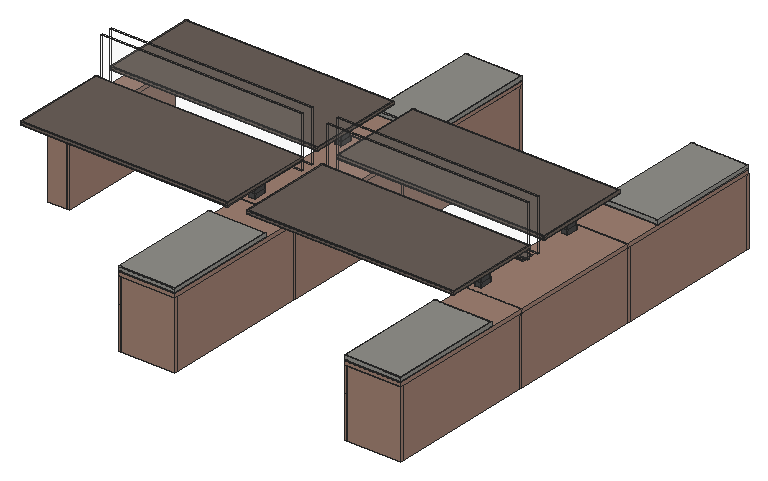
Revit family "T200196", category Furniture, Revit 2015 (continued)
Definition of nested family "STAKS HEIGHT ADJUSTABLE WORK GROUP CABINET Double Sided Dual User"
  Dimensions and locks (in)
    aligned and locked: Extrusion 24 to plane 8 "Height Top"
    aligned and locked: plane 8 "Height Top" to Extrusion 14
    aligned and locked: Extrusion 20 to plane 8 "Height Top"
  Automatic sketch dimensions
    Extrusion 1 sketch curve to plane 5 "Front End" = 0.00"
    plane 1 "Center Front/Back" to Extrusion 1 sketch curve = 0.75"
    Extrusion 2 sketch curve to plane 5 "Front End" = 0.00"
    Extrusion 2 sketch curve to plane 6 "Right End" = 0.00"
    Extrusion 2 sketch curve to plane 10 = 0.00"
    Extrusion 2 sketch curve to plane 1 "Center Front/Back" = 0.75"
    Extrusion 3 sketch curve to plane 5 "Front End" = 0.00"
    Extrusion 3 sketch curve to plane 18 = 0.00"
    Extrusion 4 sketch curve to plane 4 "Left End" = 0.00"
    Extrusion 4 sketch curve to plane 6 "Right End" = 0.00"
    Extrusion 4 sketch curve to plane 17 = 0.00"
    plane 1 "Center Front/Back" to Extrusion 4 sketch curve = 0.00"
    Extrusion 5 sketch curve to plane 5 "Front End" = 0.00"
    Extrusion 5 sketch curve to plane 20 = 0.00"
    Extrusion 5 sketch curve to plane 21 = 0.00"
    Extrusion 5 sketch curve to plane 18 = 0.00"
    Extrusion 6 sketch curve to plane 9 = 0.75"
    Extrusion 6 sketch curve to plane 10 = 0.75"
    Extrusion 6 sketch curve to plane 18 = 0.00"
    plane 1 "Center Front/Back" to Extrusion 6 sketch curve = 0.00"
    Extrusion 7 sketch curve to plane 4 "Left End" = 0.00"
    Extrusion 7 sketch curve to plane 6 "Right End" = 0.00"
    plane 17 to Extrusion 7 sketch curve = 0.00"
    Extrusion 7 sketch curve to plane 5 "Front End" = 0.00"
    Extrusion 8 sketch curve to plane 5 "Front End" = 0.00"
    Extrusion 8 sketch curve to plane 22 = 0.00"
    Extrusion 8 sketch curve to plane 23 = 0.00"
    Extrusion 8 sketch curve to plane 18 = 0.00"
    Extrusion 9 sketch curve to plane 11 = 0.00"
    Extrusion 9 sketch curve to plane 21 = 0.00"
    plane 23 to Extrusion 9 sketch curve = 0.00"
    plane 8 "Height Top" to Extrusion 9 sketch curve = 1.3125"
    Extrusion 10 sketch curve to plane 14 = 0.00"
    Extrusion 10 sketch curve to plane 16 = 0.00"
    Extrusion 10 sketch curve to plane 14 = 2.00"
    Extrusion 10 sketch curve to plane 16 = 0.125"  (x2)
    Extrusion 10 sketch curve to Extrusion 10 sketch curve = 3.50"
    Extrusion 10 sketch curve to Extrusion 10 sketch curve = 0.00"
    Extrusion 10 sketch curve to Extrusion 10 sketch curve = 0.125"
    Extrusion 11 sketch curve to plane 14 = 0.1875"
    Extrusion 11 sketch curve to plane 16 = 3.625"
    Extrusion 11 sketch curve to plane 16 = 0.1875"  (x2)
    Extrusion 11 sketch curve to plane 14 = 1.875"
    Extrusion 11 sketch curve to Extrusion 11 sketch curve = 0.0625"  (x3)
    Revolve 12 sketch curve to level = 0.00"
    plane 16 to Revolve 12 sketch curve = 0.00"
    Revolve 12 sketch curve to plane 12 = 0.00"  (x2)
    level to Revolve 12 sketch curve = 0.12502"
    Revolve 12 sketch curve to Revolve 12 sketch curve = 0.06202"
    Revolve 12 sketch curve to Revolve 12 sketch curve = 0.12498"
    Revolve 12 sketch curve to plane 16 = 0.188"  (x2)
    plane 12 to Revolve 12 sketch curve = 0.25"
    Revolve 13 sketch curve to level = 0.00"
    plane 15 to Revolve 13 sketch curve = 0.00"
    Revolve 13 sketch curve to plane 12 = 0.00"  (x2)
    level to Revolve 13 sketch curve = 0.25"
    Revolve 13 sketch curve to Revolve 13 sketch curve = 0.06202"
    Revolve 13 sketch curve to Revolve 13 sketch curve = 0.12498"
    plane 15 to Revolve 13 sketch curve = 0.188"  (x2)
    plane 12 to Revolve 13 sketch curve = 0.25"
    plane 14 to Extrusion 14 sketch curve = 0.00"
    Extrusion 14 sketch curve to plane 15 = 0.00"
    Extrusion 14 sketch curve to plane 14 = 0.125"
    plane 15 to Extrusion 14 sketch curve = 0.125"
    Extrusion 14 sketch curve to Extrusion 14 sketch curve = 3.50"
    Extrusion 14 sketch curve to Extrusion 14 sketch curve = 0.00"
    Extrusion 14 sketch curve to Extrusion 14 sketch curve = 0.125"
    Extrusion 14 sketch curve to Extrusion 14 sketch curve = 1.75"
    Extrusion 15 sketch curve to plane 14 = 0.1875"
    plane 15 to Extrusion 15 sketch curve = 3.625"
    Extrusion 15 sketch curve to plane 14 = 0.125"
    Extrusion 15 sketch curve to Extrusion 15 sketch curve = 0.0625"  (x2)
    plane 15 to Extrusion 15 sketch curve = 0.1875"  (x2)
    Extrusion 15 sketch curve to Extrusion 15 sketch curve = 1.625"
    Extrusion 16 sketch curve to plane 16 = 0.00"  (x2)
    plane 17 to Extrusion 16 sketch curve = 3.375"
    plane 16 to Extrusion 16 sketch curve = 0.125"
    Extrusion 16 sketch curve to plane 14 = 2.125"
    Extrusion 16 sketch curve to Extrusion 16 sketch curve = 3.75"  (x2)
    Extrusion 16 sketch curve to Extrusion 16 sketch curve = 0.125"
    Blend 17 sketch curve to plane 16 = 0.125"
    plane 17 to Blend 17 sketch curve = 2.125"
    Blend 17 sketch curve to Blend 17 sketch curve = 0.125"  (x4)
    Blend 17 sketch curve to Blend 17 sketch curve = 3.25"
    Blend 17 sketch curve to Blend 17 sketch curve = 0.00"
    Blend 17 sketch curve to plane 14 = 1.75"
    Blend 17 sketch curve to plane 16 = 0.00"  (x2)
    plane 17 to Blend 17 sketch curve = 3.375"
    plane 16 to Blend 17 sketch curve = 0.125"
    Blend 17 sketch curve to Blend 17 sketch curve = 3.75"  (x2)
    Blend 17 sketch curve to plane 14 = 2.00"
    Extrusion 18 sketch curve to plane 15 = 0.00"  (x2)
    Extrusion 18 sketch curve to plane 17 = 3.375"
    plane 15 to Extrusion 18 sketch curve = 0.125"
    plane 14 to Extrusion 18 sketch curve = 2.125"
    Extrusion 18 sketch curve to Extrusion 18 sketch curve = 3.75"  (x2)
    Extrusion 18 sketch curve to Extrusion 18 sketch curve = 0.125"
    Blend 19 sketch curve to plane 15 = 0.125"
    Blend 19 sketch curve to plane 17 = 2.125"
    Blend 19 sketch curve to Blend 19 sketch curve = 0.125"  (x4)
    Blend 19 sketch curve to Blend 19 sketch curve = 3.25"
    Blend 19 sketch curve to Blend 19 sketch curve = 0.00"
    plane 14 to Blend 19 sketch curve = 1.75"
    Blend 19 sketch curve to plane 15 = 0.00"  (x2)
    Blend 19 sketch curve to plane 17 = 3.375"
    plane 15 to Blend 19 sketch curve = 0.125"
    Blend 19 sketch curve to Blend 19 sketch curve = 3.75"  (x2)
    plane 14 to Blend 19 sketch curve = 2.00"
    Extrusion 20 sketch curve to plane 16 = 0.00"
    Extrusion 20 sketch curve to plane 16 = 0.125"  (x2)
    Extrusion 20 sketch curve to plane 18 = 0.75"
    Extrusion 20 sketch curve to Extrusion 20 sketch curve = 3.75"
    Extrusion 20 sketch curve to Extrusion 20 sketch curve = 0.00"
    Extrusion 20 sketch curve to Extrusion 20 sketch curve = 0.125"
    Extrusion 20 sketch curve to Extrusion 20 sketch curve = 1.75"
    Extrusion 21 sketch curve to plane 18 = 0.9375"
    Extrusion 21 sketch curve to plane 16 = 3.875"
    Extrusion 21 sketch curve to plane 18 = 0.875"
    Extrusion 21 sketch curve to Extrusion 21 sketch curve = 0.0625"  (x2)
    Extrusion 21 sketch curve to plane 16 = 0.1875"  (x2)
    Extrusion 21 sketch curve to Extrusion 21 sketch curve = 1.625"
    Revolve 22 sketch curve to level = 0.00"
    plane 16 to Revolve 22 sketch curve = 0.00"
    Revolve 22 sketch curve to plane 12 = 0.00"  (x2)
    level to Revolve 22 sketch curve = 0.25"
    Revolve 22 sketch curve to Revolve 22 sketch curve = 0.06202"
    Revolve 22 sketch curve to Revolve 22 sketch curve = 0.12498"
    Revolve 22 sketch curve to plane 16 = 0.188"  (x2)
    plane 12 to Revolve 22 sketch curve = 0.25"
    Revolve 23 sketch curve to level = 0.00"
    plane 15 to Revolve 23 sketch curve = 0.00"
    Revolve 23 sketch curve to plane 12 = 0.00"  (x2)
    level to Revolve 23 sketch curve = 0.12502"
    Revolve 23 sketch curve to plane 15 = 0.06202"
    Revolve 23 sketch curve to Revolve 23 sketch curve = 0.12498"
    plane 15 to Revolve 23 sketch curve = 0.188"  (x2)
    plane 12 to Revolve 23 sketch curve = 0.25"
    Extrusion 24 sketch curve to plane 15 = 0.00"
    Extrusion 24 sketch curve to plane 18 = 2.75"
    plane 15 to Extrusion 24 sketch curve = 0.125"  (x2)
    Extrusion 24 sketch curve to Extrusion 24 sketch curve = 3.50"
    Extrusion 24 sketch curve to plane 18 = 0.75"
    Extrusion 24 sketch curve to Extrusion 24 sketch curve = 0.00"
    Extrusion 24 sketch curve to Extrusion 24 sketch curve = 0.125"
    Extrusion 25 sketch curve to plane 18 = 0.9375"
    plane 15 to Extrusion 25 sketch curve = 3.625"
    plane 15 to Extrusion 25 sketch curve = 0.1875"  (x2)
    Extrusion 25 sketch curve to plane 18 = 2.625"
    Extrusion 25 sketch curve to Extrusion 25 sketch curve = 0.0625"  (x3)
    Extrusion 26 sketch curve to plane 16 = 0.00"  (x2)
    plane 1 "Center Front/Back" to Extrusion 26 sketch curve = 3.375"
    Extrusion 26 sketch curve to plane 16 = 0.125"
    Extrusion 26 sketch curve to Extrusion 26 sketch curve = 4.00"  (x2)
    Extrusion 26 sketch curve to Extrusion 26 sketch curve = 0.125"
    plane 18 to Extrusion 26 sketch curve = 2.75"
    plane 16 to Blend 27 sketch curve = 0.125"
    plane 1 "Center Front/Back" to Blend 27 sketch curve = 2.125"
    Blend 27 sketch curve to Blend 27 sketch curve = 0.125"  (x4)
    Blend 27 sketch curve to Blend 27 sketch curve = 3.50"
    Blend 27 sketch curve to Blend 27 sketch curve = 0.00"
    plane 18 to Blend 27 sketch curve = 2.50"
    Blend 27 sketch curve to plane 16 = 0.00"  (x2)
    plane 1 "Center Front/Back" to Blend 27 sketch curve = 3.375"
    Blend 27 sketch curve to plane 16 = 0.125"
    Blend 27 sketch curve to Blend 27 sketch curve = 4.00"  (x2)
    plane 18 to Blend 27 sketch curve = 2.75"
    Extrusion 28 sketch curve to plane 15 = 0.00"  (x2)
    Extrusion 28 sketch curve to plane 1 "Center Front/Back" = 3.375"
    Extrusion 28 sketch curve to Extrusion 28 sketch curve = 0.125"  (x2)
    Extrusion 28 sketch curve to Extrusion 28 sketch curve = 3.75"
    plane 15 to Extrusion 28 sketch curve = 3.75"
    Extrusion 28 sketch curve to plane 18 = 2.75"
    plane 15 to Blend 29 sketch curve = 0.125"
    Blend 29 sketch curve to plane 1 "Center Front/Back" = 2.125"
    Blend 29 sketch curve to Blend 29 sketch curve = 0.125"  (x4)
    Blend 29 sketch curve to Blend 29 sketch curve = 3.25"
    Blend 29 sketch curve to Blend 29 sketch curve = 0.00"
    Blend 29 sketch curve to plane 18 = 2.50"
    Blend 29 sketch curve to plane 15 = 0.00"  (x2)
    Blend 29 sketch curve to plane 1 "Center Front/Back" = 3.375"
    Blend 29 sketch curve to plane 15 = 0.125"
    Blend 29 sketch curve to Blend 29 sketch curve = 3.75"
    plane 15 to Blend 29 sketch curve = 3.75"
    Blend 29 sketch curve to plane 18 = 2.75"
Definition of nested family "STAKS HEIGHT ADJUSTABLE WORK GROUP CABINET Dual User"
  Parameters (values of type "STAKS HEIGHT ADJUSTABLE WORK GROUP CABINET Dual User")
    Width = 42.00"
    URL = "http://ofs.com"
    Top Material = none
    Top Board Back Offset = 0.00"
    Table Height [instance] = 27.75"
    Depth = 18.00"
    Column Plate Thickness = 2.00"
    Column Material = none
    Box Width = 7.00"
    Board Thick Top = 1.125"
    Board Thick Door = 0.75"
    Board Material = none
    Model = "6-4218HAWC3"
    Manufacturer = "OFS"
    Leg Caps Material = none
    Leg Offset = 2.00"
    Board Thick Internal = 0.75"
    Height = 23.00"
    Description = "OFS STAKS HEIGHT ADJUSTABLE CABINET Dual User (Two Lifting Columns)"
    Copyright © = "© OFS 2018"
    Catalog = "https://ofs.com/products/open-plan/benching/staks"
    Bottom Board Offset = 0.50"
    Board Thick Bot = 1.00"
    Board Thick Sides = 0.75"
    Board Thick Front = 0.75"
    Board Thick Back = 0.75"
    Authoring Version = "Autodesk Revit Architecture 2013"
    Assembly Code = "E2020200"
  Reference planes (in)
    plane 1 "Center Front/Back": y = 0
    plane 2: z = 0
    plane 3 "Center Left/Right": x = 0
    plane 4 "Left End": x = -21
    plane 5 "Front End": y = -17.25
    plane 6 "Right End": x = 21
    plane 7 "Back End": y = 0
    plane 8 "Height Top": z = 23
    plane 9: x = -20.25
    plane 10: x = 20.25
    plane 11: z = 21.875
    plane 12: z = 0.5
    plane 13: z = 1.5
    plane 14: y = -16.5
    plane 15: x = 19
    plane 16: x = -19
    plane 17: y = -18
    plane 18: y = -0.75
    plane 19: y = 0
    plane 20: x = -4.25
    plane 21: x = -3.5
    plane 22: x = 4.25
    plane 23: x = 3.5
    plane 24: z = 27.75
    plane 25: z = 25.75
    plane 26: z = 24.375
    plane 27: z = 26.75
  Forms (in)
    Extrusion 1, solid, material <- "Board Material"
      sketch origin (0, 0, 0) x (1, 0, 0) y (0, 1, 0)
        loop
          line (-21, -0.75) -> (-21, -17.25) -> (-20.25, -17.25) -> (-20.25, -0.75) -> (-21, -0.75)
      from 0.5 to 21.875
    Extrusion 2, solid, material <- "Board Material"
      sketch origin (0, 0, 0) x (-1, 0, 0) y (0, -1, 0)
        loop
          line (-21, 0.75) -> (-20.25, 0.75) -> (-20.25, 17.25) -> (-21, 17.25) -> (-21, 0.75)
      from 0.5 to 21.875
    Extrusion 3, solid, material <- "Board Material"
      sketch origin (0, 0, 0) x (1, 0, 0) y (0, 1, 0)
        loop
          line (-20.25, -0.75) -> (-20.25, -17.25) -> (20.25, -17.25) -> (20.25, -0.75) -> (-20.25, -0.75)
      from 0.5 to 1.5
    Extrusion 4, solid, material <- "Top Material"
      sketch origin (0, 0, 0) x (1, 0, 0) y (0, 1, 0)
        loop
          line (-21, 0) -> (-21, -18) -> (21, -18) -> (21, 0) -> (-21, 0)
      from 21.875 to 23
    Extrusion 5, solid, material <- "Board Material"
      sketch origin (0, 0, 0) x (1, 0, 0) y (0, 1, 0)
        loop
          line (-4.25, -0.75) -> (-4.25, -17.25) -> (-3.5, -17.25) -> (-3.5, -0.75) -> (-4.25, -0.75)
      from 1.5 to 21.875
    Extrusion 6, solid, material <- "Board Material"
      sketch origin (0, 27.875, 0) x (1, 0, 0) y (0, 1, 0)
        loop
          line (-21, -27.875) -> (-21, -28.625) -> (21, -28.625) -> (21, -27.875) -> (-21, -27.875)
      from 0.5 to 21.875
    Extrusion 7, solid, material <- "Board Material"
      sketch origin (0, 0, 0) x (1, 0, 0) y (0, 1, 0)
        loop
          line (21, -17.25) -> (-21, -17.25) -> (-21, -18) -> (21, -18) -> (21, -17.25)
      from 0.5 to 21.875
    Extrusion 8, solid, material <- "Board Material"
      sketch origin (0, 0, 0) x (-1, 0, 0) y (0, -1, 0)
        loop
          line (-4.25, 0.75) -> (-3.5, 0.75) -> (-3.5, 17.25) -> (-4.25, 17.25) -> (-4.25, 0.75)
      from 1.5 to 21.875
    Extrusion 9, void
      sketch origin (0, 0, 0) x (1, 0, 0) y (0, 0, 1)
        loop
          line (3.5, 21.875) -> (-3.5, 21.875)
          arc (-3.5, 21.875) -> (0, 20.04736) -> (3.5, 21.875) r 4.26514
      from 0 to 18
    Extrusion 10, solid, material <- "Column Material"
      sketch origin (7.27539, 70.81173, 0) x (-1, 0, 0) y (0, -1, 0)
        loop
          arc (26.15039, 85.31173) -> (26.23878, 85.34834) -> (26.27539, 85.43673) r 0.125
          line (26.27539, 85.43673) -> (26.27539, 87.18673)
          arc (26.27539, 87.18673) -> (26.23878, 87.27512) -> (26.15039, 87.31173) r 0.125
          line (26.15039, 87.31173) -> (22.65039, 87.31173)
          arc (22.65039, 87.31173) -> (22.562, 87.27512) -> (22.52539, 87.18673) r 0.125
          line (22.52539, 87.18673) -> (22.52539, 85.43673)
          arc (22.52539, 85.43673) -> (22.562, 85.34834) -> (22.65039, 85.31173) r 0.125
          line (22.65039, 85.31173) -> (26.15039, 85.31173)
      from 23 to 24.375
    Extrusion 11, solid, material <- "Column Material"
      sketch origin (7.27539, 70.81173, 0) x (-1, 0, 0) y (0, -1, 0)
        loop
          line (22.71289, 85.43673) -> (26.08789, 85.43673)
          arc (26.08789, 85.43673) -> (26.13208, 85.45504) -> (26.15039, 85.49923) r 0.0625
          line (26.15039, 85.49923) -> (26.15039, 87.12423)
          arc (26.15039, 87.12423) -> (26.13208, 87.16843) -> (26.08789, 87.18673) r 0.0625
          line (26.08789, 87.18673) -> (22.71289, 87.18673)
          arc (22.71289, 87.18673) -> (22.66869, 87.16843) -> (22.65039, 87.12423) r 0.0625
          line (22.65039, 87.12423) -> (22.65039, 85.49923)
          arc (22.65039, 85.49923) -> (22.66869, 85.45504) -> (22.71289, 85.43673) r 0.0625
      from 24.375 to 25.75
    Revolve 12, solid, material <- "Leg Caps Material"
      sketch origin (7.02629, -3.5, 0) x (1, 0, 0) y (0, 0, 1)
        loop
          line (-26.02629, 0.5) -> (-26.02629, 0.25) -> (-26.08831, 0.25)
          arc (-26.08831, 0.25) -> (-26.17668, 0.2134) -> (-26.21329, 0.12502) r 0.12498
          line (-26.21329, 0.12502) -> (-26.21329, 0) -> (-25.83829, 0) -> (-25.83829, 0.5) -> (-26.02629, 0.5)
        axis (-25.83829, 0) -> (-25.83829, 0.5)
      angle from 0 to 360
    Revolve 13, solid, material <- "Leg Caps Material"
      sketch origin (-7.02629, -3.5, 0) x (-1, 0, 0) y (0, 0, -1)
        loop
          line (-26.02629, -0.5) -> (-25.83829, -0.5) -> (-25.83829, 0) -> (-26.21329, 0) -> (-26.21329, -0.12502)
          arc (-26.21329, -0.12502) -> (-26.17668, -0.2134) -> (-26.08831, -0.25) r 0.12498
          line (-26.08831, -0.25) -> (-26.02629, -0.25) -> (-26.02629, -0.5)
        axis (-25.83829, 0) -> (-25.83829, -0.5)
      angle from 0 to 360
    Extrusion 14, solid, material <- "Column Material"
      sketch origin (-7.27539, 70.81173, 0) x (1, 0, 0) y (0, 1, 0)
        loop
          line (26.15039, -85.31173) -> (22.65039, -85.31173)
          arc (22.65039, -85.31173) -> (22.562, -85.34834) -> (22.52539, -85.43673) r 0.125
          line (22.52539, -85.43673) -> (22.52539, -87.18673)
          arc (22.52539, -87.18673) -> (22.562, -87.27512) -> (22.65039, -87.31173) r 0.125
          line (22.65039, -87.31173) -> (26.15039, -87.31173)
          arc (26.15039, -87.31173) -> (26.23878, -87.27512) -> (26.27539, -87.18673) r 0.125
          line (26.27539, -87.18673) -> (26.27539, -85.43673)
          arc (26.27539, -85.43673) -> (26.23878, -85.34834) -> (26.15039, -85.31173) r 0.125
      from 23 to 24.375
    Extrusion 15, solid, material <- "Column Material"
      sketch origin (-7.27539, 70.81173, 0) x (1, 0, 0) y (0, 1, 0)
        loop
          arc (22.71289, -85.43673) -> (22.66869, -85.45504) -> (22.65039, -85.49923) r 0.0625
          line (22.65039, -85.49923) -> (22.65039, -87.12423)
          arc (22.65039, -87.12423) -> (22.66869, -87.16843) -> (22.71289, -87.18673) r 0.0625
          line (22.71289, -87.18673) -> (26.08789, -87.18673)
          arc (26.08789, -87.18673) -> (26.13208, -87.16843) -> (26.15039, -87.12423) r 0.0625
          line (26.15039, -87.12423) -> (26.15039, -85.49923)
          arc (26.15039, -85.49923) -> (26.13208, -85.45504) -> (26.08789, -85.43673) r 0.0625
          line (26.08789, -85.43673) -> (22.71289, -85.43673)
      from 24.375 to 25.75
    Extrusion 16, solid, material <- "Column Material"
      sketch origin (0, 0, 0) x (1, 0, 0) y (0, 1, 0)
        loop
          line (-15.25, -14.375) -> (-19, -14.375)
          arc (-19, -14.375) -> (-19.08839, -14.41161) -> (-19.125, -14.5) r 0.125
          line (-19.125, -14.5) -> (-19.125, -21.25)
          arc (-19.125, -21.25) -> (-19.08839, -21.33839) -> (-19, -21.375) r 0.125
          line (-19, -21.375) -> (-15.25, -21.375)
          arc (-15.25, -21.375) -> (-15.16161, -21.33839) -> (-15.125, -21.25) r 0.125
          line (-15.125, -21.25) -> (-15.125, -14.5)
          arc (-15.125, -14.5) -> (-15.16161, -14.41161) -> (-15.25, -14.375) r 0.125
      from 26.75 to 27.75
    Blend 17, solid, material <- "Column Material"
      base sketch origin (0, 0, 0) x (1, 0, 0) y (0, 1, 0)
        loop
          line (-15.375, -20) -> (-15.375, -14.75)
          arc (-15.375, -14.75) -> (-15.41161, -14.66161) -> (-15.5, -14.625) r 0.125
          line (-15.5, -14.625) -> (-18.75, -14.625)
          arc (-18.75, -14.625) -> (-18.83839, -14.66161) -> (-18.875, -14.75) r 0.125
          line (-18.875, -14.75) -> (-18.875, -20)
          arc (-18.875, -20) -> (-18.83839, -20.08839) -> (-18.75, -20.125) r 0.125
          line (-18.75, -20.125) -> (-15.5, -20.125)
          arc (-15.5, -20.125) -> (-15.41161, -20.08839) -> (-15.375, -20) r 0.125
      top sketch origin (0, 0, 0) x (1, 0, 0) y (0, 1, 0)
        loop
          line (-15.125, -21.25) -> (-15.125, -14.5)
          arc (-15.125, -14.5) -> (-15.16161, -14.41161) -> (-15.25, -14.375) r 0.125
          line (-15.25, -14.375) -> (-19, -14.375)
          arc (-19, -14.375) -> (-19.08839, -14.41161) -> (-19.125, -14.5) r 0.125
          line (-19.125, -14.5) -> (-19.125, -21.25)
          arc (-19.125, -21.25) -> (-19.08839, -21.33839) -> (-19, -21.375) r 0.125
          line (-19, -21.375) -> (-15.25, -21.375)
          arc (-15.25, -21.375) -> (-15.16161, -21.33839) -> (-15.125, -21.25) r 0.125
      from 25.75 to 26.75
    Extrusion 18, solid, material <- "Column Material"
      sketch origin (0, 0, 0) x (-1, 0, 0) y (0, -1, 0)
        loop
          arc (-15.25, 14.375) -> (-15.16161, 14.41161) -> (-15.125, 14.5) r 0.125
          line (-15.125, 14.5) -> (-15.125, 21.25)
          arc (-15.125, 21.25) -> (-15.16161, 21.33839) -> (-15.25, 21.375) r 0.125
          line (-15.25, 21.375) -> (-19, 21.375)
          arc (-19, 21.375) -> (-19.08839, 21.33839) -> (-19.125, 21.25) r 0.125
          line (-19.125, 21.25) -> (-19.125, 14.5)
          arc (-19.125, 14.5) -> (-19.08839, 14.41161) -> (-19, 14.375) r 0.125
          line (-19, 14.375) -> (-15.25, 14.375)
      from 26.75 to 27.75
    Blend 19, solid, material <- "Column Material"
      base sketch origin (0, 0, 0) x (-1, 0, 0) y (0, -1, 0)
        loop
          arc (-15.375, 20) -> (-15.41161, 20.08839) -> (-15.5, 20.125) r 0.125
          line (-15.5, 20.125) -> (-18.75, 20.125)
          arc (-18.75, 20.125) -> (-18.83839, 20.08839) -> (-18.875, 20) r 0.125
          line (-18.875, 20) -> (-18.875, 14.75)
          arc (-18.875, 14.75) -> (-18.83839, 14.66161) -> (-18.75, 14.625) r 0.125
          line (-18.75, 14.625) -> (-15.5, 14.625)
          arc (-15.5, 14.625) -> (-15.41161, 14.66161) -> (-15.375, 14.75) r 0.125
          line (-15.375, 14.75) -> (-15.375, 20)
      top sketch origin (0, 0, 0) x (-1, 0, 0) y (0, -1, 0)
        loop
          arc (-15.125, 21.25) -> (-15.16161, 21.33839) -> (-15.25, 21.375) r 0.125
          line (-15.25, 21.375) -> (-19, 21.375)
          arc (-19, 21.375) -> (-19.08839, 21.33839) -> (-19.125, 21.25) r 0.125
          line (-19.125, 21.25) -> (-19.125, 14.5)
          arc (-19.125, 14.5) -> (-19.08839, 14.41161) -> (-19, 14.375) r 0.125
          line (-19, 14.375) -> (-15.25, 14.375)
          arc (-15.25, 14.375) -> (-15.16161, 14.41161) -> (-15.125, 14.5) r 0.125
          line (-15.125, 14.5) -> (-15.125, 21.25)
      from 25.75 to 26.75
    Revolve 20, solid, material <- "Leg Caps Material"
      sketch origin (7.02629, -14.5, 0) x (1, 0, 0) y (0, 0, -1)
        loop
          line (-26.02629, -0.5) -> (-25.83829, -0.5) -> (-25.83829, 0) -> (-26.21329, 0) -> (-26.21329, -0.12502)
          arc (-26.21329, -0.12502) -> (-26.17668, -0.2134) -> (-26.08831, -0.25) r 0.12498
          line (-26.08831, -0.25) -> (-26.02629, -0.25) -> (-26.02629, -0.5)
        axis (-25.83829, 0) -> (-25.83829, -0.5)
      angle from 0 to 360
    Revolve 21, solid, material <- "Leg Caps Material"
      sketch origin (-7.02629, -14.5, 0) x (-1, 0, 0) y (0, 0, 1)
        loop
          line (-26.02629, 0.5) -> (-26.02629, 0.25) -> (-26.08831, 0.25)
          arc (-26.08831, 0.25) -> (-26.17668, 0.2134) -> (-26.21329, 0.12502) r 0.12498
          line (-26.21329, 0.12502) -> (-26.21329, 0) -> (-25.83829, 0) -> (-25.83829, 0.5) -> (-26.02629, 0.5)
        axis (-25.83829, 0) -> (-25.83829, 0.5)
      angle from 0 to 360
  Cuts and joins
    Extrusion 9 cuts Extrusion 7
  Dimensions and locks (in)
    equal spacing: plane 4 "Left End", plane 3 "Center Left/Right", plane 6 "Right End"
    "Width": plane 4 "Left End" to plane 6 "Right End"
    "Height": plane 8 "Height Top" to level
    "Board Thick Sides": plane 4 "Left End" to plane 9
    "Board Thick Sides": plane 10 to plane 6 "Right End"
    "Board Thick Top": plane 8 "Height Top" to plane 11
    "Board Thick Bot": plane 13 to plane 12
    "Bottom Board Offset": plane 12 to level
    "Board Thick Front": plane 14 to plane 5 "Front End"
    "Leg Offset": plane 15 to plane 6 "Right End"
    "Leg Offset": plane 4 "Left End" to plane 16
    "Board Thick Door": plane 17 to plane 5 "Front End"
    "Board Thick Back": plane 18 to plane 1 "Center Front/Back"
    "Depth": plane 17 to plane 1 "Center Front/Back"
    "Top Board Back Offset": plane 19 to plane 7 "Back End"
    equal spacing: plane 21, plane 3 "Center Left/Right", plane 23
    "Box Width": plane 21 to plane 23
    "Board Thick Internal": plane 23 to plane 22
    "Board Thick Internal": plane 20 to plane 21
    "Table Height": plane 24 to level
    "Column Plate Thickness": plane 24 to plane 25
    equal spacing: plane 25, plane 26, plane 8 "Height Top"
    equal spacing: plane 24, plane 27, plane 25
    aligned and locked: level to plane 2
    aligned and locked: plane 4 "Left End" to Extrusion 1 sketch curve
    aligned and locked: Extrusion 1 sketch curve to plane 9
    aligned and locked: plane 10 to Extrusion 2
    aligned and locked: Extrusion 2 to plane 6 "Right End"
    aligned and locked: plane 12 to Extrusion 2
    aligned and locked: plane 10 to Extrusion 3 sketch curve
    aligned and locked: Extrusion 3 sketch curve to plane 9
    aligned and locked: Extrusion 6 to plane 12
    aligned and locked: Extrusion 3 to plane 13
    aligned and locked: Extrusion 3 to plane 12
    aligned and locked: Extrusion 6 to plane 11
    aligned and locked: Extrusion 2 to plane 11
    aligned and locked: Extrusion 4 to plane 17
    aligned and locked: Extrusion 4 to plane 6 "Right End"
    aligned and locked: Extrusion 4 to plane 4 "Left End"
    aligned and locked: plane 8 "Height Top" to Extrusion 4
    aligned and locked: Extrusion 4 to plane 11
    aligned and locked: Extrusion 7 to plane 11
    aligned and locked: Extrusion 6 to plane 18
    aligned and locked: Extrusion 6 to plane 1 "Center Front/Back"
    aligned and locked: Extrusion 4 to plane 19
    aligned and locked: Extrusion 3 to plane 18
    aligned and locked: plane 11 to Extrusion 8
    aligned and locked: Extrusion 8 to plane 13
    aligned and locked: Extrusion 4 to Extrusion 9
    aligned and locked: Extrusion 6 to Extrusion 9
    aligned and locked: Extrusion 9 to Extrusion 2
    aligned and locked: plane 23 to Extrusion 8
    aligned and locked: Extrusion 8 to plane 22
    aligned and locked: Extrusion 5 to plane 20
    aligned and locked: cut or joined group of Extrusion 7, Extrusion 9 to plane 12
    aligned and locked: plane 25 to Extrusion 11
    aligned and locked: plane 26 to Extrusion 10
    aligned and locked: Extrusion 11 to plane 26
    aligned and locked: plane 11 to Extrusion 1
    aligned and locked: plane 11 to Extrusion 5
    aligned and locked: Extrusion 1 to plane 5 "Front End"
    aligned and locked: Extrusion 2 to plane 5 "Front End"
    aligned and locked: cut or joined group of Extrusion 7, Extrusion 9 to plane 4 "Left End"
    aligned and locked: cut or joined group of Extrusion 7, Extrusion 9 to plane 6 "Right End"
    aligned and locked: Extrusion 1 to plane 12
    aligned and locked: plane 16 to Revolve 12
    aligned and locked: plane 15 to Revolve 13
    aligned and locked: Extrusion 5 to plane 13
    aligned and locked: Extrusion 10 to plane 8 "Height Top"
    aligned and locked: Extrusion 14 to plane 8 "Height Top"
    aligned and locked: Extrusion 15 to plane 25
    aligned and locked: Extrusion 14 to plane 26
    aligned and locked: plane 26 to Extrusion 15
    aligned and locked: plane 24 to Extrusion 16
    aligned and locked: Extrusion 16 to plane 27
    aligned and locked: Blend 17 to plane 25
    aligned and locked: plane 27 to Blend 17
    aligned and locked: Extrusion 18 to plane 24
    aligned and locked: Blend 19 to plane 27
    aligned and locked: plane 27 to Extrusion 18
    aligned and locked: plane 25 to Blend 19
    aligned and locked: Extrusion 6 to plane 4 "Left End"
    aligned and locked: Extrusion 6 to plane 6 "Right End"
    aligned and locked: plane 18 to Extrusion 2
    aligned and locked: plane 18 to Extrusion 1
  Automatic sketch dimensions
    Extrusion 1 sketch curve to plane 5 "Front End" = 0.00"
    plane 1 "Center Front/Back" to Extrusion 1 sketch curve = 0.75"
    Extrusion 2 sketch curve to plane 5 "Front End" = 0.00"
    Extrusion 2 sketch curve to plane 6 "Right End" = 0.00"
    Extrusion 2 sketch curve to plane 10 = 0.00"
    Extrusion 2 sketch curve to plane 1 "Center Front/Back" = 0.75"
    Extrusion 3 sketch curve to plane 5 "Front End" = 0.00"
    Extrusion 3 sketch curve to plane 18 = 0.00"
    Extrusion 4 sketch curve to plane 4 "Left End" = 0.00"
    Extrusion 4 sketch curve to plane 6 "Right End" = 0.00"
    Extrusion 4 sketch curve to plane 17 = 0.00"
    plane 1 "Center Front/Back" to Extrusion 4 sketch curve = 0.00"
    Extrusion 5 sketch curve to plane 5 "Front End" = 0.00"
    Extrusion 5 sketch curve to plane 20 = 0.00"
    Extrusion 5 sketch curve to plane 21 = 0.00"
    Extrusion 5 sketch curve to plane 18 = 0.00"
    Extrusion 6 sketch curve to plane 9 = 0.75"
    Extrusion 6 sketch curve to plane 10 = 0.75"
    Extrusion 6 sketch curve to plane 18 = 0.00"
    plane 1 "Center Front/Back" to Extrusion 6 sketch curve = 0.00"
    Extrusion 7 sketch curve to plane 4 "Left End" = 0.00"
    Extrusion 7 sketch curve to plane 6 "Right End" = 0.00"
    plane 17 to Extrusion 7 sketch curve = 0.00"
    Extrusion 7 sketch curve to plane 5 "Front End" = 0.00"
    Extrusion 8 sketch curve to plane 5 "Front End" = 0.00"
    Extrusion 8 sketch curve to plane 22 = 0.00"
    Extrusion 8 sketch curve to plane 23 = 0.00"
    Extrusion 8 sketch curve to plane 18 = 0.00"
    Extrusion 9 sketch curve to plane 11 = 0.00"
    Extrusion 9 sketch curve to plane 21 = 0.00"
    plane 23 to Extrusion 9 sketch curve = 0.00"
    plane 8 "Height Top" to Extrusion 9 sketch curve = 1.3125"
    Extrusion 10 sketch curve to plane 14 = 0.00"
    Extrusion 10 sketch curve to plane 16 = 0.00"
    Extrusion 10 sketch curve to plane 14 = 2.00"
    Extrusion 10 sketch curve to plane 16 = 0.125"  (x2)
    Extrusion 10 sketch curve to Extrusion 10 sketch curve = 3.50"
    Extrusion 10 sketch curve to Extrusion 10 sketch curve = 0.00"
    Extrusion 10 sketch curve to Extrusion 10 sketch curve = 0.125"
    Extrusion 11 sketch curve to plane 14 = 0.1875"
    Extrusion 11 sketch curve to plane 16 = 3.625"
    Extrusion 11 sketch curve to plane 16 = 0.1875"  (x2)
    Extrusion 11 sketch curve to plane 14 = 1.875"
    Extrusion 11 sketch curve to Extrusion 11 sketch curve = 0.0625"  (x3)
    Revolve 12 sketch curve to level = 0.00"
    plane 16 to Revolve 12 sketch curve = 0.00"
    Revolve 12 sketch curve to plane 12 = 0.00"  (x2)
    level to Revolve 12 sketch curve = 0.12502"
    Revolve 12 sketch curve to Revolve 12 sketch curve = 0.06202"
    Revolve 12 sketch curve to Revolve 12 sketch curve = 0.12498"
    Revolve 12 sketch curve to plane 16 = 0.188"  (x2)
    plane 12 to Revolve 12 sketch curve = 0.25"
    Revolve 13 sketch curve to level = 0.00"
    plane 15 to Revolve 13 sketch curve = 0.00"
    Revolve 13 sketch curve to plane 12 = 0.00"  (x2)
    level to Revolve 13 sketch curve = 0.25"
    Revolve 13 sketch curve to Revolve 13 sketch curve = 0.06202"
    Revolve 13 sketch curve to Revolve 13 sketch curve = 0.12498"
    plane 15 to Revolve 13 sketch curve = 0.188"  (x2)
    plane 12 to Revolve 13 sketch curve = 0.25"
    plane 14 to Extrusion 14 sketch curve = 0.00"
    Extrusion 14 sketch curve to plane 15 = 0.00"
    Extrusion 14 sketch curve to plane 14 = 0.125"
    plane 15 to Extrusion 14 sketch curve = 0.125"
    Extrusion 14 sketch curve to Extrusion 14 sketch curve = 3.50"
    Extrusion 14 sketch curve to Extrusion 14 sketch curve = 0.00"
    Extrusion 14 sketch curve to Extrusion 14 sketch curve = 0.125"
    Extrusion 14 sketch curve to Extrusion 14 sketch curve = 1.75"
    Extrusion 15 sketch curve to plane 14 = 0.1875"
    plane 15 to Extrusion 15 sketch curve = 3.625"
    Extrusion 15 sketch curve to plane 14 = 0.125"
    Extrusion 15 sketch curve to Extrusion 15 sketch curve = 0.0625"  (x2)
    plane 15 to Extrusion 15 sketch curve = 0.1875"  (x2)
    Extrusion 15 sketch curve to Extrusion 15 sketch curve = 1.625"
    Extrusion 16 sketch curve to plane 16 = 0.00"  (x2)
    plane 17 to Extrusion 16 sketch curve = 3.375"
    plane 16 to Extrusion 16 sketch curve = 0.125"
    Extrusion 16 sketch curve to plane 14 = 2.125"
    Extrusion 16 sketch curve to Extrusion 16 sketch curve = 3.75"  (x2)
    Extrusion 16 sketch curve to Extrusion 16 sketch curve = 0.125"
    Blend 17 sketch curve to plane 16 = 0.125"
    plane 17 to Blend 17 sketch curve = 2.125"
    Blend 17 sketch curve to Blend 17 sketch curve = 0.125"  (x4)
    Blend 17 sketch curve to Blend 17 sketch curve = 3.25"
    Blend 17 sketch curve to Blend 17 sketch curve = 0.00"
    Blend 17 sketch curve to plane 14 = 1.75"
    Blend 17 sketch curve to plane 16 = 0.00"  (x2)
    plane 17 to Blend 17 sketch curve = 3.375"
    plane 16 to Blend 17 sketch curve = 0.125"
    Blend 17 sketch curve to Blend 17 sketch curve = 3.75"  (x2)
    Blend 17 sketch curve to plane 14 = 2.00"
    Extrusion 18 sketch curve to plane 15 = 0.00"  (x2)
    Extrusion 18 sketch curve to plane 17 = 3.375"
    plane 15 to Extrusion 18 sketch curve = 0.125"
    plane 14 to Extrusion 18 sketch curve = 2.125"
    Extrusion 18 sketch curve to Extrusion 18 sketch curve = 3.75"  (x2)
    Extrusion 18 sketch curve to Extrusion 18 sketch curve = 0.125"
    Blend 19 sketch curve to plane 15 = 0.125"
    Blend 19 sketch curve to plane 17 = 2.125"
    Blend 19 sketch curve to Blend 19 sketch curve = 0.125"  (x4)
    Blend 19 sketch curve to Blend 19 sketch curve = 3.25"
    Blend 19 sketch curve to Blend 19 sketch curve = 0.00"
    plane 14 to Blend 19 sketch curve = 1.75"
    Blend 19 sketch curve to plane 15 = 0.00"  (x2)
    Blend 19 sketch curve to plane 17 = 3.375"
    plane 15 to Blend 19 sketch curve = 0.125"
    Blend 19 sketch curve to Blend 19 sketch curve = 3.75"  (x2)
    plane 14 to Blend 19 sketch curve = 2.00"
    Revolve 20 sketch curve to level = 0.00"
    plane 16 to Revolve 20 sketch curve = 0.00"
    Revolve 20 sketch curve to plane 12 = 0.00"  (x2)
    level to Revolve 20 sketch curve = 0.25"
    Revolve 20 sketch curve to Revolve 20 sketch curve = 0.06202"
    Revolve 20 sketch curve to Revolve 20 sketch curve = 0.12498"
    Revolve 20 sketch curve to plane 16 = 0.188"  (x2)
    plane 12 to Revolve 20 sketch curve = 0.25"
    Revolve 21 sketch curve to level = 0.00"
    plane 15 to Revolve 21 sketch curve = 0.00"
    Revolve 21 sketch curve to plane 12 = 0.00"  (x2)
    level to Revolve 21 sketch curve = 0.12502"
    Revolve 21 sketch curve to plane 15 = 0.06202"
    Revolve 21 sketch curve to Revolve 21 sketch curve = 0.12498"
    plane 15 to Revolve 21 sketch curve = 0.188"  (x2)
    plane 12 to Revolve 21 sketch curve = 0.25"
Definition of nested family "STAKS BOX-FILE-OPEN SHELVES FLOOR STORAGE Left 42-48"
  Parameters (values of type "STAKS BOX-FILE-OPEN SHELVES FLOOR STORAGE Left, 42in")
    Width = 42.00"
    URL = "http://ofs.com"
    Top Material = none
    Top Board Back Offset = 0.00"
    Table Height [instance] = 27.75"
    Shelf Height = 13.86625"
    Drawers Width = 28.50"
    Drawer Handle Material = none
    Drawer Gap = 0.0625"
    Depth = 18.00"
    Column Plate Thickness = 2.00"
    Column Material = none
    Box Width = 7.00"
    Board Thick Top = 1.125"
    Board Thick Door = 0.75"
    Board Material = none
    Model = "6-4218FSL3"
    Manufacturer = "OFS"
    Leg Caps Material = none
    Leg Offset = 2.00"
    Board Thick Internal = 0.75"
    Height = 23.00"
    Description = "OFS STAKS BOX-FILE-OPEN SHELVES FLOOR STORAGE Left, 42\" Width, One Box Drawer and One File Drawer 30\" Width , One Adjustable Shelf 12\" Width"
    Copyright © = "© OFS 2018"
    Catalog = "https://ofs.com/products/open-plan/benching/staks"
    Bottom Board Offset = 0.50"
    Board Thick Bot = 1.00"
    Board Thick Sides = 0.75"
    Board Thick Front = 0.75"
    Board Thick Back = 0.75"
    Authoring Version = "Autodesk Revit Architecture 2013"
    Assembly Code = "E2020200"
  Types (2): name | Width | Model | Description
    STAKS BOX-FILE-OPEN SHELVES FLOOR STORAGE Left, 42in | 42.00" | "6-4218FSL3" | "OFS STAKS BOX-FILE-OPEN SHELVES FLOOR STORAGE Left, 42\" Width, One Box Drawer and One File Drawer 30\" Width , One Adjustable Shelf 12\" Width"
    STAKS BOX-FILE-OPEN SHELVES FLOOR STORAGE Left, 48in | 48.00" | "6-4818FSL3" | "OFS STAKS BOX-FILE-OPEN SHELVES FLOOR STORAGE Left, 48\" Width, One Box Drawer and One File Drawer 30\" Width , One Adjustable Shelf 18\" Width"
  Reference planes (in)
    plane 1 "Center Front/Back": y = 0
    plane 2: z = 0
    plane 3 "Front End": y = -17.25
    plane 4 "Right End": x = 16.75
    plane 5 "Back End": y = 0
    plane 6 "Height Top": z = 23
    plane 7: x = 16
    plane 8: z = 21.875
    plane 9: z = 0.5
    plane 10: z = 1.5
    plane 11: y = -16.5
    plane 12: x = 14.75
    plane 13: y = -18
    plane 14: y = -0.75
    plane 15: y = 0
    plane 16: z = 13.86625
    plane 17: z = 13.11625
    plane 18: z = 13.92875
    plane 19 "Center Left Right": x = -4.25
    plane 20: x = -24.5
    plane 21: x = 4.75
    plane 22: x = 4
    plane 23: x = -25.25
    plane 24: x = -23.25
    plane 25: x = -20.5
    plane 26: x = 0
    plane 27: x = -0.375
    plane 28: x = -20.125
  Forms (in)
    Extrusion 1, solid, material <- "Board Material"
      sketch origin (0, 0, 0) x (-1, 0, 0) y (0, -1, 0)
        loop
          line (-16.75, 0) -> (-16, 0) -> (-16, 17.25) -> (-16.75, 17.25) -> (-16.75, 0)
      from 0.5 to 21.875
    Extrusion 2, solid, material <- "Board Material"
      sketch origin (0, 0, 0) x (1, 0, 0) y (0, 1, 0)
        loop
          line (-24.5, -0.75) -> (-24.5, -17.25) -> (16, -17.25) -> (16, -0.75) -> (-24.5, -0.75)
      from 0.5 to 1.5
    Extrusion 3, solid, material <- "Top Material"
      sketch origin (0, 0, 0) x (1, 0, 0) y (0, 1, 0)
        loop
          line (-25.25, 0) -> (-25.25, -18) -> (16.75, -18) -> (16.75, 0) -> (-25.25, 0)
      from 21.875 to 23
    Extrusion 4, solid, material <- "Board Material"
      sketch origin (0, 27.875, 0) x (1, 0, 0) y (0, 1, 0)
        loop
          line (-24.5, -27.875) -> (-24.5, -28.625) -> (16, -28.625) -> (16, -27.875) -> (-24.5, -27.875)
      from 0.5 to 21.875
    Revolve 5, solid, material <- "Leg Caps Material"
      sketch origin (-11.27629, -3.5, 0) x (-1, 0, 0) y (0, 0, -1)
        loop
          line (-26.02629, -0.5) -> (-25.83829, -0.5) -> (-25.83829, 0) -> (-26.21329, 0) -> (-26.21329, -0.12502)
          arc (-26.21329, -0.12502) -> (-26.17668, -0.2134) -> (-26.08831, -0.25) r 0.12498
          line (-26.08831, -0.25) -> (-26.02629, -0.25) -> (-26.02629, -0.5)
        axis (-25.83829, 0) -> (-25.83829, -0.5)
      angle from 0 to 360
    Revolve 6, solid, material <- "Leg Caps Material"
      sketch origin (-7.02629, -14.5, 0) x (-1, 0, 0) y (0, 0, 1)
        loop
          line (-21.77629, 0.5) -> (-21.77629, 0.25) -> (-21.83831, 0.25)
          arc (-21.83831, 0.25) -> (-21.92668, 0.2134) -> (-21.96329, 0.12502) r 0.12498
          line (-21.96329, 0.12502) -> (-21.96329, 0) -> (-21.58829, 0) -> (-21.58829, 0.5) -> (-21.77629, 0.5)
        axis (-21.58829, 0) -> (-21.58829, 0.5)
      angle from 0 to 360
    Extrusion 7, solid, material <- "Board Material"
      sketch origin (-29.25, 0, 0) x (-1, 0, 0) y (0, -1, 0)
        loop
          line (-4.75, 0) -> (-4, 0) -> (-4, 17.25) -> (-4.75, 17.25) -> (-4.75, 0)
      from 0.5 to 21.875
    Extrusion 8, solid, material <- "Board Material"
      sketch origin (-14.875, 0, 0) x (-1, 0, 0) y (0, -1, 0)
        loop
          line (-19.625, 0.75) -> (-18.875, 0.75) -> (-18.875, 17.25) -> (-19.625, 17.25) -> (-19.625, 0.75)
      from 1.5 to 21.875
    Revolve 9, solid, material <- "Leg Caps Material"
      sketch origin (2.40129, -3.5, 0) x (1, 0, 0) y (0, 0, 1)
        loop
          line (-25.65129, 0.5) -> (-25.65129, 0.25) -> (-25.71331, 0.25)
          arc (-25.71331, 0.25) -> (-25.80168, 0.2134) -> (-25.83829, 0.12502) r 0.12498
          line (-25.83829, 0.12502) -> (-25.83829, 0) -> (-25.46329, 0) -> (-25.46329, 0.5) -> (-25.65129, 0.5)
        axis (-25.46329, 0) -> (-25.46329, 0.5)
      angle from 0 to 360
    Revolve 10, solid, material <- "Leg Caps Material"
      sketch origin (-2.22371, -14.5, 0) x (1, 0, 0) y (0, 0, -1)
        loop
          line (-21.02629, -0.5) -> (-20.83829, -0.5) -> (-20.83829, 0) -> (-21.21329, 0) -> (-21.21329, -0.12502)
          arc (-21.21329, -0.12502) -> (-21.17668, -0.2134) -> (-21.08831, -0.25) r 0.12498
          line (-21.08831, -0.25) -> (-21.02629, -0.25) -> (-21.02629, -0.5)
        axis (-20.83829, 0) -> (-20.83829, -0.5)
      angle from 0 to 360
    Revolve 11, solid, material <- "Leg Caps Material"
      sketch origin (21.08829, -3.5, 0) x (1, 0, 0) y (0, 0, 1)
        loop
          line (-16.90129, 0.5) -> (-16.90129, 0.25) -> (-16.96331, 0.25)
          arc (-16.96331, 0.25) -> (-17.05168, 0.2134) -> (-17.08829, 0.12502) r 0.12498
          line (-17.08829, 0.12502) -> (-17.08829, 0) -> (-16.71329, 0) -> (-16.71329, 0.5) -> (-16.90129, 0.5)
        axis (-16.71329, 0) -> (-16.71329, 0.5)
      angle from 0 to 360
    Revolve 12, solid, material <- "Leg Caps Material"
      sketch origin (16.46329, -14.5, 0) x (1, 0, 0) y (0, 0, -1)
        loop
          line (-12.27629, -0.5) -> (-12.08829, -0.5) -> (-12.08829, 0) -> (-12.46329, 0) -> (-12.46329, -0.12502)
          arc (-12.46329, -0.12502) -> (-12.42668, -0.2134) -> (-12.33831, -0.25) r 0.12498
          line (-12.33831, -0.25) -> (-12.27629, -0.25) -> (-12.27629, -0.5)
        axis (-12.08829, 0) -> (-12.08829, -0.5)
      angle from 0 to 360
    Extrusion 13, solid, material <- "Board Material"
      sketch origin (-9.66893, 0, 0) x (-1, 0, 0) y (0, -1, 0)
        loop
          line (15.58107, 17.25) -> (15.58107, 18) -> (-14.41893, 18) -> (-14.41893, 17.25) -> (15.58107, 17.25)
      from 0.5 to 13.86625
    Extrusion 14, solid, material <- "Board Material"
      sketch origin (-11.49697, 0, 14.88819) x (-1, 0, 0) y (0, -1, 0)
        loop
          line (13.75303, 17.25) -> (13.75303, 18) -> (-16.24697, 18) -> (-16.24697, 17.25) -> (13.75303, 17.25)
      from -0.95944 to 6.98681
    Extrusion 15, solid, material <- "Drawer Handle Material"
      sketch origin (27.25, 0, 0) x (1, 0, 0) y (0, 1, 0)
        loop
          line (-27.25, -18.875) -> (-27.25, -18) -> (-27.625, -18) -> (-27.625, -18.6875) -> (-47.375, -18.6875) -> (-47.375, -18) -> (-47.75, -18) -> (-47.75, -18.875) -> (-27.25, -18.875)
      from 20.19685 to 20.6656
    Extrusion 16, solid, material <- "Drawer Handle Material"
      sketch origin (27.25, 0, -7) x (1, 0, 0) y (0, 1, 0)
        loop
          line (-27.25, -18.875) -> (-27.25, -18) -> (-27.625, -18) -> (-27.625, -18.6875) -> (-47.375, -18.6875) -> (-47.375, -18) -> (-47.75, -18) -> (-47.75, -18.875) -> (-27.25, -18.875)
      from 20.19685 to 20.6656
    Extrusion 17, solid, material <- "Board Material"
      sketch origin (15.75, 0, 0) x (1, 0, 0) y (0, 0, 1)
        loop
          line (-11, 13.86625) -> (-11, 13.11625) -> (0.25, 13.11625) -> (0.25, 13.86625) -> (-11, 13.86625)
      from 0.75 to 17.25
  Dimensions and locks (in)
    "Height": plane 6 "Height Top" to level
    "Board Thick Sides": plane 7 to plane 4 "Right End"
    "Board Thick Top": plane 6 "Height Top" to plane 8
    "Board Thick Bot": plane 10 to plane 9
    "Bottom Board Offset": plane 9 to level
    "Board Thick Front": plane 11 to plane 3 "Front End"
    "Leg Offset": plane 12 to plane 4 "Right End"
    "Board Thick Door": plane 13 to plane 3 "Front End"
    "Board Thick Back": plane 14 to plane 1 "Center Front/Back"
    "Depth": plane 13 to plane 1 "Center Front/Back"
    "Top Board Back Offset": plane 15 to plane 5 "Back End"
    "Board Thick Internal": plane 16 to plane 17
    "Shelf Height": plane 16 to level
    "Drawer Gap": plane 18 to plane 16
    equal spacing: plane 23, plane 19 "Center Left Right", plane 4 "Right End"
    "Width": plane 4 "Right End" to plane 23
    "Board Thick Internal": plane 21 to plane 22
    "Board Thick Sides": plane 23 to plane 20
    "Drawers Width": plane 20 to plane 22
    "Leg Offset": plane 24 to plane 23
    locked: plane 20 to plane 25 at 4
    locked: plane 26 to plane 22 at 4
    locked: plane 27 to plane 26 at 0.375
    locked: plane 25 to plane 28 at 0.375
    aligned and locked: level to plane 2
    aligned and locked: plane 7 to Extrusion 1
    aligned and locked: Extrusion 1 to plane 4 "Right End"
    aligned and locked: plane 9 to Extrusion 1
    aligned and locked: plane 7 to Extrusion 2 sketch curve
    aligned and locked: Extrusion 4 to plane 9
    aligned and locked: Extrusion 4 to plane 8
    aligned and locked: Extrusion 1 to plane 8
    aligned and locked: Extrusion 3 to plane 13
    aligned and locked: Extrusion 3 to plane 4 "Right End"
    aligned and locked: plane 6 "Height Top" to Extrusion 3
    aligned and locked: Extrusion 3 to plane 8
    aligned and locked: Extrusion 4 to plane 14
    aligned and locked: Extrusion 4 to plane 1 "Center Front/Back"
    aligned and locked: Extrusion 3 to plane 15
    aligned and locked: Extrusion 1 to plane 3 "Front End"
    aligned and locked: plane 12 to Revolve 5
    aligned and locked: plane 20 to Extrusion 7 sketch curve
    aligned and locked: plane 23 to Extrusion 7
    aligned and locked: plane 23 to Extrusion 3
    aligned and locked: plane 20 to Extrusion 2
    aligned and locked: Extrusion 7 to plane 9
    aligned and locked: Extrusion 7 to plane 5 "Back End"
    aligned and locked: plane 20 to Extrusion 4
    aligned and locked: Extrusion 4 to plane 7
    aligned and locked: Extrusion 1 to plane 5 "Back End"
    aligned and locked: plane 23 to Extrusion 14
    aligned and locked: plane 23 to Extrusion 13
    aligned and locked: plane 21 to Extrusion 14
    aligned and locked: plane 21 to Extrusion 13
    aligned and locked: Extrusion 15 to plane 25
    aligned and locked: Extrusion 16 to plane 25
    aligned and locked: Extrusion 15 to plane 28
    aligned and locked: Extrusion 16 to plane 28
    aligned and locked: Extrusion 15 to plane 27
    aligned and locked: Extrusion 16 to plane 27
    aligned and locked: Extrusion 15 to plane 26
    aligned and locked: Extrusion 16 to plane 26
    aligned and locked: plane 13 to Extrusion 13
    aligned and locked: plane 3 "Front End" to Extrusion 13
    aligned and locked: plane 13 to Extrusion 14
    aligned and locked: plane 3 "Front End" to Extrusion 14
    aligned and locked: plane 8 to Extrusion 14
    aligned and locked: Extrusion 14 to plane 18
    aligned and locked: Extrusion 13 to plane 16
    aligned and locked: Extrusion 13 to plane 9
    aligned and locked: Extrusion 17 to plane 21
    aligned and locked: Extrusion 17 to plane 7
    aligned and locked: Extrusion 17 to plane 16
    aligned and locked: plane 17 to Extrusion 17
  Automatic sketch dimensions
    Extrusion 1 sketch curve to plane 3 "Front End" = 0.00"
    Extrusion 1 sketch curve to plane 4 "Right End" = 0.00"
    Extrusion 1 sketch curve to plane 7 = 0.00"
    plane 1 "Center Front/Back" to Extrusion 1 sketch curve = 0.00"
    Extrusion 2 sketch curve to plane 3 "Front End" = 0.00"
    Extrusion 2 sketch curve to plane 20 = 0.00"
    Extrusion 2 sketch curve to plane 14 = 0.00"
    Extrusion 3 sketch curve to plane 13 = 0.00"
    Extrusion 3 sketch curve to plane 23 = 0.00"
    Extrusion 3 sketch curve to plane 4 "Right End" = 0.00"
    plane 1 "Center Front/Back" to Extrusion 3 sketch curve = 0.00"
    Extrusion 4 sketch curve to plane 14 = 0.00"
    Extrusion 4 sketch curve to plane 20 = 0.00"
    Extrusion 4 sketch curve to plane 7 = 0.00"
    plane 1 "Center Front/Back" to Extrusion 4 sketch curve = 0.00"
    Revolve 5 sketch curve to level = 0.00"
    plane 12 to Revolve 5 sketch curve = 0.00"
    Revolve 5 sketch curve to plane 9 = 0.00"  (x2)
    level to Revolve 5 sketch curve = 0.25"
    Revolve 5 sketch curve to Revolve 5 sketch curve = 0.06202"
    Revolve 5 sketch curve to Revolve 5 sketch curve = 0.12498"
    plane 12 to Revolve 5 sketch curve = 0.188"  (x2)
    plane 9 to Revolve 5 sketch curve = 0.25"
    Revolve 6 sketch curve to level = 0.00"
    plane 12 to Revolve 6 sketch curve = 0.00"
    Revolve 6 sketch curve to plane 9 = 0.00"  (x2)
    level to Revolve 6 sketch curve = 0.12502"
    Revolve 6 sketch curve to plane 12 = 0.06202"
    Revolve 6 sketch curve to Revolve 6 sketch curve = 0.12498"
    plane 12 to Revolve 6 sketch curve = 0.188"  (x2)
    plane 9 to Revolve 6 sketch curve = 0.25"
    Extrusion 7 sketch curve to plane 3 "Front End" = 0.00"
    Extrusion 7 sketch curve to plane 23 = 0.00"
    plane 1 "Center Front/Back" to Extrusion 7 sketch curve = 0.00"
    Extrusion 8 sketch curve to plane 3 "Front End" = 0.00"
    Extrusion 8 sketch curve to plane 21 = 0.00"
    Extrusion 8 sketch curve to plane 22 = 0.00"
    Extrusion 8 sketch curve to plane 14 = 0.00"
    Revolve 9 sketch curve to level = 0.00"
    Revolve 9 sketch curve to plane 24 = 0.00"
    Revolve 9 sketch curve to plane 9 = 0.00"  (x2)
    level to Revolve 9 sketch curve = 0.12502"
    Revolve 9 sketch curve to plane 24 = 0.06202"
    Revolve 9 sketch curve to Revolve 9 sketch curve = 0.12498"
    plane 24 to Revolve 9 sketch curve = 0.188"  (x2)
    plane 9 to Revolve 9 sketch curve = 0.25"
    Revolve 10 sketch curve to level = 0.00"
    Revolve 10 sketch curve to plane 24 = 0.00"
    Revolve 10 sketch curve to plane 9 = 0.00"  (x2)
    level to Revolve 10 sketch curve = 0.25"
    Revolve 10 sketch curve to plane 24 = 0.06202"
    Revolve 10 sketch curve to Revolve 10 sketch curve = 0.12498"
    plane 24 to Revolve 10 sketch curve = 0.188"  (x2)
    plane 9 to Revolve 10 sketch curve = 0.25"
    Revolve 11 sketch curve to plane 22 = 0.00"
    Revolve 11 sketch curve to plane 9 = 0.00"  (x2)
    Revolve 11 sketch curve to level = 0.00"
    level to Revolve 11 sketch curve = 0.12502"
    plane 22 to Revolve 11 sketch curve = 0.12498"
    Revolve 11 sketch curve to Revolve 11 sketch curve = 0.06202"
    Revolve 11 sketch curve to Revolve 11 sketch curve = 0.25002"
    Revolve 11 sketch curve to Revolve 11 sketch curve = 0.00"
    plane 9 to Revolve 11 sketch curve = 0.25"
    Revolve 12 sketch curve to plane 22 = 0.00"
    Revolve 12 sketch curve to plane 9 = 0.00"  (x2)
    Revolve 12 sketch curve to level = 0.00"
    level to Revolve 12 sketch curve = 0.25"
    plane 22 to Revolve 12 sketch curve = 0.12498"
    Revolve 12 sketch curve to Revolve 12 sketch curve = 0.06202"
    Revolve 12 sketch curve to Revolve 12 sketch curve = 0.25002"
    Revolve 12 sketch curve to Revolve 12 sketch curve = 0.00"
    plane 9 to Revolve 12 sketch curve = 0.25"
    Extrusion 13 sketch curve to plane 3 "Front End" = 0.00"
    Extrusion 13 sketch curve to plane 21 = 0.00"
    Extrusion 13 sketch curve to plane 13 = 0.00"
    Extrusion 13 sketch curve to plane 23 = 0.00"
    Extrusion 14 sketch curve to plane 3 "Front End" = 0.00"
    Extrusion 14 sketch curve to plane 21 = 0.00"
    Extrusion 14 sketch curve to plane 13 = 0.00"
    Extrusion 14 sketch curve to plane 23 = 0.00"
    Extrusion 15 sketch curve to plane 13 = 0.00"
    Extrusion 15 sketch curve to plane 25 = 0.00"
    Extrusion 15 sketch curve to plane 28 = 0.00"
    Extrusion 15 sketch curve to plane 27 = 0.00"
    plane 13 to Extrusion 15 sketch curve = 0.00"
    Extrusion 15 sketch curve to plane 26 = 0.00"
    plane 13 to Extrusion 15 sketch curve = 0.875"
    Extrusion 15 sketch curve to Extrusion 15 sketch curve = 0.1875"
    Extrusion 16 sketch curve to plane 13 = 0.00"
    Extrusion 16 sketch curve to plane 25 = 0.00"
    Extrusion 16 sketch curve to plane 28 = 0.00"
    Extrusion 16 sketch curve to plane 27 = 0.00"
    plane 13 to Extrusion 16 sketch curve = 0.00"
    Extrusion 16 sketch curve to plane 26 = 0.00"
    plane 13 to Extrusion 16 sketch curve = 0.875"
    Extrusion 16 sketch curve to Extrusion 16 sketch curve = 0.1875"
    Extrusion 17 sketch curve to plane 17 = 0.00"
    Extrusion 17 sketch curve to plane 16 = 0.00"
    plane 21 to Extrusion 17 sketch curve = 0.00"
    Extrusion 17 sketch curve to plane 12 = 1.25"
Definition of nested family "STAKS BOX-FILE-OPEN SHELVES FLOOR STORAGE Right 42-48"
  Parameters (values of type "STAKS BOX-FILE-OPEN SHELVES FLOOR STORAGE Right, 42in")
    Width = 42.00"
    URL = "http://www.ofs.com"
    Top Material = none
    Top Board Back Offset = 0.00"
    Table Height [instance] = 27.75"
    Shelf Height = 13.86625"
    Drawers Width = 28.50"
    Drawer Handle Material = none
    Drawer Gap = 0.0625"
    Depth = 18.00"
    Column Plate Thickness = 2.00"
    Column Material = none
    Box Width = 7.00"
    Board Thick Top = 1.125"
    Board Thick Door = 0.75"
    Board Material = none
    Model = "6-4218FSR3"
    Manufacturer = "OFS"
    Leg Caps Material = none
    Leg Offset = 2.00"
    Board Thick Internal = 0.75"
    Height = 23.00"
    Description = "OFS STAKS BOX-FILE-OPEN SHELVES FLOOR STORAGE Right, 42\" Width, One Box Drawer and One File Drawer 30\" Width, One Adjustable Shelf 12\" Width"
    Copyright © = "© OFS 2018"
    Catalog = "https://ofs.com/products/open-plan/benching/staks"
    Bottom Board Offset = 0.50"
    Board Thick Bot = 1.00"
    Board Thick Sides = 0.75"
    Board Thick Front = 0.75"
    Board Thick Back = 0.75"
    Authoring Version = "Autodesk Revit Architecture 2013"
    Assembly Code = "E2020200"
  Types (2): name | Width | Model | Description
    STAKS BOX-FILE-OPEN SHELVES FLOOR STORAGE Right, 42in | 42.00" | "6-4218FSR3" | "OFS STAKS BOX-FILE-OPEN SHELVES FLOOR STORAGE Right, 42\" Width, One Box Drawer and One File Drawer 30\" Width, One Adjustable Shelf 12\" Width"
    STAKS BOX-FILE-OPEN SHELVES FLOOR STORAGE Right, 48in | 48.00" | "6-4818FSR3" | "OFS STAKS BOX-FILE-OPEN SHELVES FLOOR STORAGE Right, 48\" Width, One Box Drawer and One File Drawer 30\" Width, One Adjustable Shelf 18\" Width"
  Reference planes (in)
    plane 1 "Center Front/Back": y = 0
    plane 2: z = 0
    plane 3 "Front End": y = -17.25
    plane 4 "Right End": x = 16.75
    plane 5 "Back End": y = 0
    plane 6 "Height Top": z = 23
    plane 7: x = 16
    plane 8: z = 21.875
    plane 9: z = 0.5
    plane 10: z = 1.5
    plane 11: y = -16.5
    plane 12: x = 14.75
    plane 13: y = -18
    plane 14: y = -0.75
    plane 15: y = 0
    plane 16: z = 13.86625
    plane 17: z = 13.11625
    plane 18: z = 13.92875
    plane 19 "Center Left Right": x = -4.25
    plane 20: x = -24.5
    plane 21: x = -12.5
    plane 22: x = -13.25
    plane 23: x = -25.25
    plane 24: x = -23.25
    plane 25: x = 12
    plane 26: x = 11.625
    plane 27: x = -8.5
    plane 28: x = -8.125
    plane 29: x = -20.5
    plane 30: x = -17.25
    plane 31: x = -17.625
    plane 32: x = -20.125
  Forms (in)
    Extrusion 1, solid, material <- "Board Material"
      sketch origin (0, 0, 0) x (-1, 0, 0) y (0, -1, 0)
        loop
          line (-16.75, 0) -> (-16, 0) -> (-16, 17.25) -> (-16.75, 17.25) -> (-16.75, 0)
      from 0.5 to 21.875
    Extrusion 2, solid, material <- "Board Material"
      sketch origin (0, 0, 0) x (1, 0, 0) y (0, 1, 0)
        loop
          line (-24.5, -0.75) -> (-24.5, -17.25) -> (16, -17.25) -> (16, -0.75) -> (-24.5, -0.75)
      from 0.5 to 1.5
    Extrusion 3, solid, material <- "Top Material"
      sketch origin (0, 0, 0) x (1, 0, 0) y (0, 1, 0)
        loop
          line (-25.25, 0) -> (-25.25, -18) -> (16.75, -18) -> (16.75, 0) -> (-25.25, 0)
      from 21.875 to 23
    Extrusion 4, solid, material <- "Board Material"
      sketch origin (0, 27.875, 0) x (1, 0, 0) y (0, 1, 0)
        loop
          line (-24.5, -27.875) -> (-24.5, -28.625) -> (16, -28.625) -> (16, -27.875) -> (-24.5, -27.875)
      from 0.5 to 21.875
    Revolve 5, solid, material <- "Leg Caps Material"
      sketch origin (-11.27629, -3.5, 0) x (-1, 0, 0) y (0, 0, -1)
        loop
          line (-26.02629, -0.5) -> (-25.83829, -0.5) -> (-25.83829, 0) -> (-26.21329, 0) -> (-26.21329, -0.12502)
          arc (-26.21329, -0.12502) -> (-26.17668, -0.2134) -> (-26.08831, -0.25) r 0.12498
          line (-26.08831, -0.25) -> (-26.02629, -0.25) -> (-26.02629, -0.5)
        axis (-25.83829, 0) -> (-25.83829, -0.5)
      angle from 0 to 360
    Revolve 6, solid, material <- "Leg Caps Material"
      sketch origin (-7.02629, -14.5, 0) x (-1, 0, 0) y (0, 0, 1)
        loop
          line (-21.77629, 0.5) -> (-21.77629, 0.25) -> (-21.83831, 0.25)
          arc (-21.83831, 0.25) -> (-21.92668, 0.2134) -> (-21.96329, 0.12502) r 0.12498
          line (-21.96329, 0.12502) -> (-21.96329, 0) -> (-21.58829, 0) -> (-21.58829, 0.5) -> (-21.77629, 0.5)
        axis (-21.58829, 0) -> (-21.58829, 0.5)
      angle from 0 to 360
    Extrusion 7, solid, material <- "Board Material"
      sketch origin (-29.25, 0, 0) x (-1, 0, 0) y (0, -1, 0)
        loop
          line (-4.75, 0) -> (-4, 0) -> (-4, 17.25) -> (-4.75, 17.25) -> (-4.75, 0)
      from 0.5 to 21.875
